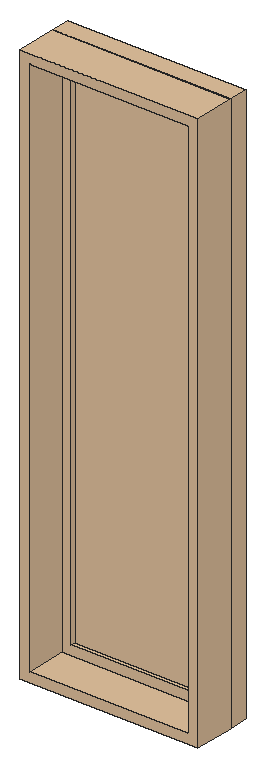
Revit family "W12_鋁百葉", category 窗, Revit 2014
Parameters (values of type "0610 x 1220 mm")
  熱阻 (R) = 0.271106 (m²·K)/W
  Visual Light Transmittance = 0.9
  Solar Heat Gain Coefficient = 0.78
  營造類型 Id = "GSP4R"
  傳熱係數 (U) = 3.6886 W/(m²·K)
  框架外部材料 = 窗框
  框架內部材料 = 窗框
  玻璃窗格材料 = 玻璃
  高度 = 1900 mm
  窗框 = 窗框
  預設窗台高度 = 300 mm
  牆封閉 = 依主體
  寬度 = 600 mm
  窗戶內嵌 = 19 mm
  解析營造 = "1/8 英吋 Pilkington 單層鑲嵌玻璃"
Types (10, lengths in mm): name | 高度 | 預設窗台高度 | 寬度
  0406 x 0610 mm | 610 | 915 | 406
  0406 x 1220 mm | 1220 | 915 | 406
  0610 x 0610 mm | 610 | 915 | 610
  0610 x 1220 mm | 1900 | 300 | 600
  0915 x 0610 mm | 610 | 915 | 915
  0915 x 1220 mm | 1220 | 915 | 915
  0406 x 1830 mm | 1830 | 305 | 406
  0610 x 1830 mm | 1830 | 305 | 610
  0915 x 1830 mm | 1830 | 305 | 915
  60 x 190 cm | 1900 | 300 | 600
Reference planes
  plane 1: y = 0
  plane 2 "中心": x = 0
  plane 3 "左": x = -300
  plane 4 "右": x = 300
  plane 5 "窗台": z = 300
  plane 6 "標頭": z = 2200
  plane 7: x = -281
  plane 8: x = 281
  plane 9: x = -268
  plane 10: x = 268
  plane 11: z = 2181
  plane 12: z = 2168
  plane 13: z = 332
  plane 14 "封閉": y = 66
Forms (mm)
  Extrusion 1, solid, material "窗框" <- "框架內部材料"
    sketch origin (0, 0, 0) x (-1, 0, 0) y (0, 0, 1)
      loop
        line (-300, 2200) -> (-300, 300) -> (300, 300) -> (300, 2200) -> (-300, 2200)
      loop
        line (-268, 2168) -> (-268, 332) -> (268, 332) -> (268, 2168) -> (-268, 2168)
    from -87 to 50
  Extrusion 2, solid, material "窗框" <- "框架外部材料"
    sketch origin (0, 0, 0) x (-1, 0, 0) y (0, 0, 1)
      loop
        line (-300, 2200) -> (-300, 300) -> (300, 300) -> (300, 2200) -> (-300, 2200)
      loop
        line (-281, 2181) -> (-281, 319) -> (281, 319) -> (281, 2181) -> (-281, 2181)
    from 50 to 113
  Extrusion 3, solid, material "窗框" <- "窗框"
    sketch origin (0, 0, 0) x (-1, 0, 0) y (0, 0, 1)
      loop
        line (-281, 2181) -> (-281, 319) -> (281, 319) -> (281, 2181) -> (-281, 2181)
      loop
        line (-237, 2137) -> (-237, 363) -> (237, 363) -> (237, 2137) -> (-237, 2137)
    from 50 to 94
  Extrusion 4, solid, material "窗框" <- "窗框"
    sketch origin (0, 0, 0) x (-1, 0, 0) y (0, 0, 1)
      loop
        line (-237, 2137) -> (-237, 363) -> (237, 363) -> (237, 2137) -> (-237, 2137)
    from 66 to 78
Lines and regions (mm)
  Opening 1
    outline origin (3500, -87, 0) x (1, 0, 0) y (0, 0, 1)
      loop
        line (-3200, 300) -> (-3200, 2200) -> (-3800, 2200) -> (-3800, 300) -> (-3200, 300)
  symbolic lines, style "WindowsFrameMullionProjection"
    curve 1: line (-300, 113, 0) -> (-281, 113, 0)
    curve 2: line (-300, -87, 0) -> (-268, -87, 0)
    curve 3: line (-281, 94, 0) -> (-237, 94, 0)
    curve 4: line (-281, 50, 0) -> (-237, 50, 0)
    curve 5: line (-281, 113, 0) -> (-281, 50, 0)
    curve 6: line (-237, 94, 0) -> (-237, 50, 0)
    curve 7: line (-268, 50, 0) -> (-268, -87, 0)
    curve 8: line (298.878, 113, 0) -> (281, 113, 0)
    curve 9: line (281, 113, 0) -> (281, 50, 0)
    curve 10: line (281, 94, 0) -> (237, 94, 0)
    curve 11: line (237, 94, 0) -> (237, 50, 0)
    curve 12: line (237, 50, 0) -> (281, 50, 0)
    curve 13: line (300, -87, 0) -> (268, -87, 0)
    curve 14: line (268, 50, 0) -> (268, -87, 0)
  symbolic lines, style "WindowsGlassProjection"
    curve 15: line (-237, 72, 0) -> (237, 72, 0)
  model lines
    curve 16: line (-237, 66, 403) -> (237, 66, 403)
    curve 17: line (-237, 66, 443) -> (237, 66, 443)
    curve 18: line (-237, 66, 483) -> (237, 66, 483)
    curve 19: line (-237, 66, 523) -> (237, 66, 523)
    curve 20: line (-237, 66, 563) -> (237, 66, 563)
    curve 21: line (-237, 66, 603) -> (237, 66, 603)
    curve 22: line (-237, 66, 643) -> (237, 66, 643)
    curve 23: line (-237, 66, 683) -> (237, 66, 683)
    curve 24: line (-237, 66, 723) -> (237, 66, 723)
    curve 25: line (-237, 66, 763) -> (237, 66, 763)
    curve 26: line (-237, 66, 803) -> (237, 66, 803)
    curve 27: line (-237, 66, 843) -> (237, 66, 843)
    curve 28: line (-237, 66, 883) -> (237, 66, 883)
    curve 29: line (-237, 66, 923) -> (237, 66, 923)
    curve 30: line (-237, 66, 963) -> (237, 66, 963)
    curve 31: line (-237, 66, 1003) -> (237, 66, 1003)
    curve 32: line (-237, 66, 1043) -> (237, 66, 1043)
    curve 33: line (-237, 66, 1083) -> (237, 66, 1083)
    curve 34: line (-237, 66, 1123) -> (237, 66, 1123)
    curve 35: line (-237, 66, 1163) -> (237, 66, 1163)
    curve 36: line (-237, 66, 1203) -> (237, 66, 1203)
    curve 37: line (-237, 66, 1243) -> (237, 66, 1243)
    curve 38: line (-237, 66, 1283) -> (237, 66, 1283)
    curve 39: line (-237, 66, 1323) -> (237, 66, 1323)
    curve 40: line (-237, 66, 1363) -> (237, 66, 1363)
    curve 41: line (-237, 66, 1403) -> (237, 66, 1403)
    curve 42: line (-237, 66, 1443) -> (237, 66, 1443)
    curve 43: line (-237, 66, 1483) -> (237, 66, 1483)
    curve 44: line (-237, 66, 1523) -> (237, 66, 1523)
    curve 45: line (-237, 66, 1563) -> (237, 66, 1563)
    curve 46: line (-237, 66, 1603) -> (237, 66, 1603)
    curve 47: line (-237, 66, 1643) -> (237, 66, 1643)
    curve 48: line (-237, 66, 1683) -> (237, 66, 1683)
    curve 49: line (-237, 66, 1723) -> (237, 66, 1723)
    curve 50: line (-237, 66, 1763) -> (237, 66, 1763)
    curve 51: line (-237, 66, 1803) -> (237, 66, 1803)
    curve 52: line (-237, 66, 1843) -> (237, 66, 1843)
    curve 53: line (-237, 66, 1883) -> (237, 66, 1883)
    curve 54: line (-237, 66, 1923) -> (237, 66, 1923)
    curve 55: line (-237, 66, 1963) -> (237, 66, 1963)
    curve 56: line (-237, 66, 2003) -> (237, 66, 2003)
    curve 57: line (-237, 66, 2043) -> (237, 66, 2043)
    curve 58: line (-237, 66, 2083) -> (237, 66, 2083)
    curve 59: line (-237, 66, 2123) -> (237, 66, 2123)
    curve 60: line (-237, 78, 403) -> (237, 78, 403)
    curve 61: line (-237, 78, 443) -> (237, 78, 443)
    curve 62: line (-237, 78, 483) -> (237, 78, 483)
    curve 63: line (-237, 78, 523) -> (237, 78, 523)
    curve 64: line (-237, 78, 563) -> (237, 78, 563)
    curve 65: line (-237, 78, 603) -> (237, 78, 603)
    curve 66: line (-237, 78, 643) -> (237, 78, 643)
    curve 67: line (-237, 78, 683) -> (237, 78, 683)
    curve 68: line (-237, 78, 723) -> (237, 78, 723)
    curve 69: line (-237, 78, 763) -> (237, 78, 763)
    curve 70: line (-237, 78, 803) -> (237, 78, 803)
    curve 71: line (-237, 78, 843) -> (237, 78, 843)
    curve 72: line (-237, 78, 883) -> (237, 78, 883)
    curve 73: line (-237, 78, 923) -> (237, 78, 923)
    curve 74: line (-237, 78, 963) -> (237, 78, 963)
    curve 75: line (-237, 78, 1003) -> (237, 78, 1003)
    curve 76: line (-237, 78, 1043) -> (237, 78, 1043)
    curve 77: line (-237, 78, 1083) -> (237, 78, 1083)
    curve 78: line (-237, 78, 1123) -> (237, 78, 1123)
    curve 79: line (-237, 78, 1163) -> (237, 78, 1163)
    curve 80: line (-237, 78, 1203) -> (237, 78, 1203)
    curve 81: line (-237, 78, 1243) -> (237, 78, 1243)
    curve 82: line (-237, 78, 1283) -> (237, 78, 1283)
    curve 83: line (-237, 78, 1323) -> (237, 78, 1323)
    curve 84: line (-237, 78, 1363) -> (237, 78, 1363)
    curve 85: line (-237, 78, 1403) -> (237, 78, 1403)
    curve 86: line (-237, 78, 1443) -> (237, 78, 1443)
    curve 87: line (-237, 78, 1483) -> (237, 78, 1483)
    curve 88: line (-237, 78, 1523) -> (237, 78, 1523)
    curve 89: line (-237, 78, 1563) -> (237, 78, 1563)
    curve 90: line (-237, 78, 1603) -> (237, 78, 1603)
    curve 91: line (-237, 78, 1643) -> (237, 78, 1643)
    curve 92: line (-237, 78, 1683) -> (237, 78, 1683)
    curve 93: line (-237, 78, 1723) -> (237, 78, 1723)
    curve 94: line (-237, 78, 1763) -> (237, 78, 1763)
    curve 95: line (-237, 78, 1803) -> (237, 78, 1803)
    curve 96: line (-237, 78, 1843) -> (237, 78, 1843)
    curve 97: line (-237, 78, 1883) -> (237, 78, 1883)
    curve 98: line (-237, 78, 1923) -> (237, 78, 1923)
    curve 99: line (-237, 78, 1963) -> (237, 78, 1963)
    curve 100: line (-237, 78, 2003) -> (237, 78, 2003)
    curve 101: line (-237, 78, 2043) -> (237, 78, 2043)
    curve 102: line (-237, 78, 2083) -> (237, 78, 2083)
    curve 103: line (-237, 78, 2123) -> (237, 78, 2123)
Text (mm)
  text "外部" at (-1394.263, 836.427, 0), in view "樓板線"
  text "內部" at (-1394.263, -535.979, 0), in view "樓板線"
  text "外部" at (0, 314.263, 3273.967), in view "右"
  text "外部" at (0, 999.457, 3063.296), in view "左"
Dimensions and locks
  equal spacing: plane 3 "左", plane 2 "中心", plane 4 "右"
  "寬度": plane 3 "左" to plane 4 "右"
  "高度": plane 5 "窗台" to plane 6 "標頭"
  "預設窗台高度": plane 5 "窗台" to level
  "窗戶內嵌": host wall to Extrusion 3
  locked: Extrusion 3 to Extrusion 3 at 44
  locked: Extrusion 3 to Extrusion 4 at 16
  locked: Extrusion 4 to Extrusion 4 at 12
  locked: Extrusion 1 sketch curve to Extrusion 1 sketch curve at 32  (x2)
  locked: plane 3 "左" to plane 7 at 19
  locked: plane 8 to plane 4 "右" at 19
  locked: plane 10 to plane 4 "右" at 32
  locked: plane 3 "左" to plane 9 at 32
  locked: plane 11 to plane 6 "標頭" at 19
  locked: plane 6 "標頭" to plane 12 at 32
  locked: plane 13 to plane 5 "窗台" at 32
  locked: plane 14 "封閉" to host wall at 47
  aligned and locked: host wall to Extrusion 1
  aligned and locked: host wall to Extrusion 2
  aligned and locked: Extrusion 3 sketch curve to Extrusion 2  (x4)
  aligned and locked: Extrusion 3 to Extrusion 1
  aligned and locked: Extrusion 2 to Extrusion 1
  aligned and locked: Extrusion 4 sketch curve to Extrusion 3  (x4)
  aligned and locked: curve 1 to Extrusion 2  (x2)
  aligned and locked: Extrusion 1 to curve 2
  aligned and locked: curve 3 to Extrusion 3
  aligned and locked: curve 4 to Extrusion 2  (x2)
  aligned and locked: curve 5 to Extrusion 2
  aligned and locked: curve 6 to Extrusion 3
  aligned and locked: curve 7 to Extrusion 1
  aligned and locked: Extrusion 2 to curve 9
  aligned and locked: curve 10 to Extrusion 3
  aligned and locked: curve 11 to Extrusion 3
  aligned and locked: Extrusion 3 to curve 12
  aligned and locked: curve 13 to Extrusion 1  (x2)
  aligned and locked: curve 14 to Extrusion 1
  aligned and locked: Extrusion 2 to curve 8
Automatic sketch dimensions
  Extrusion 1 sketch curve to plane 5 "窗台" = 32 mm
  plane 6 "標頭" to Extrusion 1 sketch curve = 32 mm
  plane 4 "右" to Extrusion 2 sketch curve = 19 mm
  Extrusion 2 sketch curve to Extrusion 2 sketch curve = 19 mm
  Extrusion 2 sketch curve to plane 5 "窗台" = 19 mm
  plane 6 "標頭" to Extrusion 2 sketch curve = 19 mm
  Extrusion 1 sketch curve to plane 4 "右" = 0 mm
  Extrusion 1 sketch curve to plane 3 "左" = 0 mm
  Extrusion 1 sketch curve to plane 5 "窗台" = 0 mm
  Extrusion 1 sketch curve to plane 6 "標頭" = 0 mm
  Extrusion 2 sketch curve to plane 4 "右" = 0 mm
  Extrusion 2 sketch curve to plane 3 "左" = 0 mm
  Extrusion 2 sketch curve to plane 5 "窗台" = 0 mm
  Extrusion 2 sketch curve to plane 6 "標頭" = 0 mm
  Opening 1 sketch curve to plane 3 "左" = 0 mm
  Opening 1 sketch curve to plane 4 "右" = 0 mm
  Opening 1 sketch curve to plane 5 "窗台" = 0 mm
  Opening 1 sketch curve to plane 6 "標頭" = 0 mm
  host wall to curve 7 = 0 mm
  plane 4 "右" to curve 8 = 1.122 mm
  curve 15 to plane 14 "封閉" = 6 mm
  plane 10 to Extrusion 3 sketch curve = 31 mm
  Extrusion 3 sketch curve to plane 13 = 31 mm
  Extrusion 3 sketch curve to plane 9 = 31 mm
  plane 12 to Extrusion 3 sketch curve = 31 mm
  Extrusion 4 to curve 16 = 0 mm
  Extrusion 4 to curve 17 = 0 mm
  Extrusion 4 to curve 18 = 0 mm
  Extrusion 4 to curve 19 = 0 mm
  Extrusion 4 to curve 20 = 0 mm
  Extrusion 4 to curve 59 = 0 mm
  Extrusion 4 to curve 21 = 0 mm
  Extrusion 4 to curve 58 = 0 mm
  Extrusion 4 to curve 22 = 0 mm
  Extrusion 4 to curve 57 = 0 mm
  Extrusion 4 to curve 23 = 0 mm
  Extrusion 4 to curve 56 = 0 mm
  Extrusion 4 to curve 24 = 0 mm
  Extrusion 4 to curve 55 = 0 mm
  Extrusion 4 to curve 25 = 0 mm
  Extrusion 4 to curve 54 = 0 mm
  Extrusion 4 to curve 26 = 0 mm
  Extrusion 4 to curve 53 = 0 mm
  Extrusion 4 to curve 27 = 0 mm
  Extrusion 4 to curve 52 = 0 mm
  Extrusion 4 to curve 28 = 0 mm
  Extrusion 4 to curve 51 = 0 mm
  Extrusion 4 to curve 29 = 0 mm
  Extrusion 4 to curve 50 = 0 mm
  Extrusion 4 to curve 30 = 0 mm
  Extrusion 4 to curve 49 = 0 mm
  Extrusion 4 to curve 31 = 0 mm
  Extrusion 4 to curve 48 = 0 mm
  Extrusion 4 to curve 32 = 0 mm
  Extrusion 4 to curve 47 = 0 mm
  Extrusion 4 to curve 33 = 0 mm
  Extrusion 4 to curve 46 = 0 mm
  Extrusion 4 to curve 34 = 0 mm
  Extrusion 4 to curve 45 = 0 mm
  Extrusion 4 to curve 35 = 0 mm
  Extrusion 4 to curve 44 = 0 mm
  Extrusion 4 to curve 36 = 0 mm
  Extrusion 4 to curve 43 = 0 mm
  Extrusion 4 to curve 37 = 0 mm
  Extrusion 4 to curve 42 = 0 mm
  Extrusion 4 to curve 38 = 0 mm
  Extrusion 4 to curve 41 = 0 mm
  Extrusion 4 to curve 39 = 0 mm
  Extrusion 4 to curve 40 = 0 mm
  curve 41 to Extrusion 4 = 0 mm
  curve 39 to Extrusion 4 = 0 mm
  curve 42 to Extrusion 4 = 0 mm
  curve 38 to Extrusion 4 = 0 mm
  curve 43 to Extrusion 4 = 0 mm
  curve 37 to Extrusion 4 = 0 mm
  curve 44 to Extrusion 4 = 0 mm
  curve 36 to Extrusion 4 = 0 mm
  curve 45 to Extrusion 4 = 0 mm
  curve 35 to Extrusion 4 = 0 mm
  curve 46 to Extrusion 4 = 0 mm
  curve 34 to Extrusion 4 = 0 mm
  curve 47 to Extrusion 4 = 0 mm
  curve 33 to Extrusion 4 = 0 mm
  curve 48 to Extrusion 4 = 0 mm
  curve 32 to Extrusion 4 = 0 mm
  curve 49 to Extrusion 4 = 0 mm
  curve 31 to Extrusion 4 = 0 mm
  curve 50 to Extrusion 4 = 0 mm
  curve 30 to Extrusion 4 = 0 mm
  curve 51 to Extrusion 4 = 0 mm
  curve 29 to Extrusion 4 = 0 mm
  curve 52 to Extrusion 4 = 0 mm
  curve 28 to Extrusion 4 = 0 mm
  curve 53 to Extrusion 4 = 0 mm
  curve 27 to Extrusion 4 = 0 mm
  curve 54 to Extrusion 4 = 0 mm
  curve 26 to Extrusion 4 = 0 mm
  curve 55 to Extrusion 4 = 0 mm
  curve 25 to Extrusion 4 = 0 mm
  curve 56 to Extrusion 4 = 0 mm
  curve 24 to Extrusion 4 = 0 mm
  curve 57 to Extrusion 4 = 0 mm
  curve 23 to Extrusion 4 = 0 mm
  curve 58 to Extrusion 4 = 0 mm
  curve 22 to Extrusion 4 = 0 mm
  curve 59 to Extrusion 4 = 0 mm
  curve 21 to Extrusion 4 = 0 mm
  curve 20 to Extrusion 4 = 0 mm
  curve 19 to Extrusion 4 = 0 mm
  curve 18 to Extrusion 4 = 0 mm
  curve 17 to Extrusion 4 = 0 mm
  curve 40 to Extrusion 4 = 0 mm
  curve 16 to Extrusion 4 = 0 mm
  Extrusion 4 to curve 16 = 40 mm
  curve 16 to curve 17 = 40 mm
  curve 17 to curve 18 = 40 mm
  curve 18 to curve 19 = 40 mm
  curve 19 to curve 20 = 40 mm
  curve 20 to curve 21 = 40 mm
  curve 21 to curve 22 = 40 mm
  curve 22 to curve 23 = 40 mm
  curve 23 to curve 24 = 40 mm
  curve 24 to curve 25 = 40 mm
  curve 25 to curve 26 = 40 mm
  curve 26 to curve 27 = 40 mm
  curve 27 to curve 28 = 40 mm
  curve 28 to curve 29 = 40 mm
  curve 29 to curve 30 = 40 mm
  curve 30 to curve 31 = 40 mm
  curve 31 to curve 32 = 40 mm
  curve 32 to curve 33 = 40 mm
  curve 33 to curve 34 = 40 mm
  curve 34 to curve 35 = 40 mm
  curve 35 to curve 36 = 40 mm
  curve 36 to curve 37 = 40 mm
  curve 37 to curve 38 = 40 mm
  curve 38 to curve 39 = 40 mm
  curve 39 to curve 40 = 40 mm
  curve 40 to curve 41 = 40 mm
  curve 41 to curve 42 = 40 mm
  curve 42 to curve 43 = 40 mm
  curve 43 to curve 44 = 40 mm
  curve 44 to curve 45 = 40 mm
  curve 45 to curve 46 = 40 mm
  curve 46 to curve 47 = 40 mm
  curve 47 to curve 48 = 40 mm
  curve 48 to curve 49 = 40 mm
  curve 49 to curve 50 = 40 mm
  curve 50 to curve 51 = 40 mm
  curve 51 to curve 52 = 40 mm
  curve 52 to curve 53 = 40 mm
  curve 53 to curve 54 = 40 mm
  curve 54 to curve 55 = 40 mm
  curve 55 to curve 56 = 40 mm
  curve 56 to curve 57 = 40 mm
  curve 57 to curve 58 = 40 mm
  Extrusion 4 to curve 59 = 14 mm
  plane 10 to curve 60 = 31 mm
  plane 10 to curve 61 = 31 mm
  plane 10 to curve 62 = 31 mm
  plane 10 to curve 63 = 31 mm
  plane 10 to curve 64 = 31 mm
  plane 10 to curve 103 = 31 mm
  plane 10 to curve 65 = 31 mm
  plane 10 to curve 102 = 31 mm
  plane 10 to curve 66 = 31 mm
  plane 10 to curve 101 = 31 mm
  plane 10 to curve 67 = 31 mm
  plane 10 to curve 100 = 31 mm
  plane 10 to curve 68 = 31 mm
  plane 10 to curve 99 = 31 mm
  plane 10 to curve 69 = 31 mm
  plane 10 to curve 98 = 31 mm
  plane 10 to curve 70 = 31 mm
  plane 10 to curve 97 = 31 mm
  plane 10 to curve 71 = 31 mm
  plane 10 to curve 96 = 31 mm
  plane 10 to curve 72 = 31 mm
  plane 10 to curve 95 = 31 mm
  plane 10 to curve 73 = 31 mm
  plane 10 to curve 94 = 31 mm
  plane 10 to curve 74 = 31 mm
  plane 10 to curve 93 = 31 mm
  plane 10 to curve 75 = 31 mm
  plane 10 to curve 92 = 31 mm
  plane 10 to curve 76 = 31 mm
  plane 10 to curve 91 = 31 mm
  plane 10 to curve 77 = 31 mm
  plane 10 to curve 90 = 31 mm
  plane 10 to curve 78 = 31 mm
  plane 10 to curve 89 = 31 mm
  plane 10 to curve 79 = 31 mm
  plane 10 to curve 88 = 31 mm
  plane 10 to curve 80 = 31 mm
  plane 10 to curve 87 = 31 mm
  plane 10 to curve 81 = 31 mm
  plane 10 to curve 86 = 31 mm
  plane 10 to curve 82 = 31 mm
  plane 10 to curve 85 = 31 mm
  plane 10 to curve 83 = 31 mm
  plane 10 to curve 84 = 31 mm
  curve 85 to plane 9 = 31 mm
  curve 83 to plane 9 = 31 mm
  curve 86 to plane 9 = 31 mm
  curve 82 to plane 9 = 31 mm
  curve 87 to plane 9 = 31 mm
  curve 81 to plane 9 = 31 mm
  curve 88 to plane 9 = 31 mm
  curve 80 to plane 9 = 31 mm
  curve 89 to plane 9 = 31 mm
  curve 79 to plane 9 = 31 mm
  curve 90 to plane 9 = 31 mm
  curve 78 to plane 9 = 31 mm
  curve 91 to plane 9 = 31 mm
  curve 77 to plane 9 = 31 mm
  curve 92 to plane 9 = 31 mm
  curve 76 to plane 9 = 31 mm
  curve 93 to plane 9 = 31 mm
  curve 75 to plane 9 = 31 mm
  curve 94 to plane 9 = 31 mm
  curve 74 to plane 9 = 31 mm
  curve 95 to plane 9 = 31 mm
  curve 73 to plane 9 = 31 mm
  curve 96 to plane 9 = 31 mm
  curve 72 to plane 9 = 31 mm
  curve 97 to plane 9 = 31 mm
  curve 71 to plane 9 = 31 mm
  curve 98 to plane 9 = 31 mm
  curve 70 to plane 9 = 31 mm
  curve 99 to plane 9 = 31 mm
  curve 69 to plane 9 = 31 mm
  curve 100 to plane 9 = 31 mm
  curve 68 to plane 9 = 31 mm
  curve 101 to plane 9 = 31 mm
  curve 67 to plane 9 = 31 mm
  curve 102 to plane 9 = 31 mm
  curve 66 to plane 9 = 31 mm
  curve 103 to plane 9 = 31 mm
  curve 65 to plane 9 = 31 mm
  curve 64 to plane 9 = 31 mm
  curve 63 to plane 9 = 31 mm
  curve 62 to plane 9 = 31 mm
  curve 61 to plane 9 = 31 mm
  curve 84 to plane 9 = 31 mm
  curve 60 to plane 9 = 31 mm
  curve 103 to curve 102 = 40 mm
  curve 102 to curve 101 = 40 mm
  curve 101 to curve 100 = 40 mm
  curve 100 to curve 99 = 40 mm
  curve 99 to curve 98 = 40 mm
  curve 98 to curve 97 = 40 mm
  curve 97 to curve 96 = 40 mm
  curve 96 to curve 95 = 40 mm
  curve 95 to curve 94 = 40 mm
  curve 94 to curve 93 = 40 mm
  curve 93 to curve 92 = 40 mm
  curve 92 to curve 91 = 40 mm
  curve 91 to curve 90 = 40 mm
  curve 90 to curve 89 = 40 mm
  curve 89 to curve 88 = 40 mm
  curve 88 to curve 87 = 40 mm
  curve 87 to curve 86 = 40 mm
  curve 86 to curve 85 = 40 mm
  curve 85 to curve 84 = 40 mm
  curve 84 to curve 83 = 40 mm
  curve 83 to curve 82 = 40 mm
  curve 82 to curve 81 = 40 mm
  curve 81 to curve 80 = 40 mm
  curve 80 to curve 79 = 40 mm
  curve 79 to curve 78 = 40 mm
  curve 78 to curve 77 = 40 mm
  curve 77 to curve 76 = 40 mm
  curve 76 to curve 75 = 40 mm
  curve 75 to curve 74 = 40 mm
  curve 74 to curve 73 = 40 mm
  curve 73 to curve 72 = 40 mm
  curve 72 to curve 71 = 40 mm
  curve 71 to curve 70 = 40 mm
  curve 70 to curve 69 = 40 mm
  curve 69 to curve 68 = 40 mm
  curve 68 to curve 67 = 40 mm
  curve 67 to curve 66 = 40 mm
  curve 66 to curve 65 = 40 mm
  curve 65 to curve 64 = 40 mm
  curve 64 to curve 63 = 40 mm
  curve 63 to curve 62 = 40 mm
  curve 62 to curve 61 = 40 mm
  curve 61 to curve 60 = 40 mm
  plane 12 to curve 103 = 45 mm
